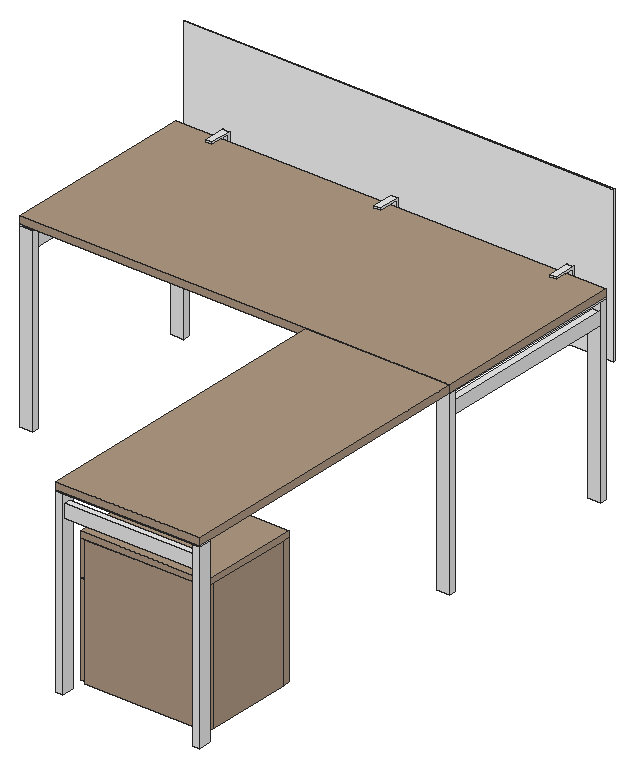
Revit family "T100061", category Furniture, Revit 2013
Parameters (values of type "T100061")
  Width = 66"
  URL = "http://www.ofsbrands.com/"
  Top Core Material = OFS BRANDS STACKS Top Core Wood
  Roll Material = OFS BRANDS STACKS Roll Plastic
  Pull Material = OFS BRANDS STACKS Pull Metal
  Model = "T100061"
  Manufacturer = "FIRST OFFICE"
  Lock Material = OFS BRANDS STACKSLock Metal
  Height = 42"
  Glides Material = OFS BRANDS STACKS Glide Plastic
  Feet Material = OFS BRANDS STACKS Feet Metal
  Drawer Front Material = OFS BRANDS STACKS Drawer Front Wood
  Description = "OFS BRANDS FIRST OFFICE STACKS TYPICAL T100061"
  Depth = 79 3/4"
  Cushion Material = OFS BRANDS STACKS Cushion Fabric
  Copyright © = "© 2018 OFS BRANDS"
  Conector Clip Material = OFS BRANDS STACKS Conector Clip Metal
  Chassis Material = OFS BRANDS STACKS Chassis Wood
  Catalog = "http://ofsbrands.com/products/casegoods/private-office/staks-private-office"
  Grommet  Material = OFS BRANDS STACKS Grommet Metal
  Back Coverage Material = OFS BRANDS STACKS Back Coverage Plastic
  Authoring Version = "Autodesk Revit Architecture 2013"
  Assembly Code = "E2020200"
Reference planes (in)
  plane 1 "Center (Front/Back)": y = 0
  plane 2: z = 0
  plane 3 "Center (Left/Right)": x = 0
Forms (in)
  Extrusion 1, solid, material "OFS BRANDS STACKS Top Core Wood" <- "Top Core Material"
    sketch origin (-88.36638, 130.56662, 0) x (1, 0, 0) y (0, 1, 0)
      loop
        line (55.36638, -121.56662) -> (121.36638, -121.56662) -> (121.36638, -91.56676) -> (55.36638, -91.56676) -> (55.36638, -121.56662)
    from 27.875 to 29.00005
  Extrusion 2, solid, material "OFS BRANDS STACKS Top Core Wood" <- "Top Core Material"
    sketch origin (-88.36638, 130.56662, 0) x (1, 0, 0) y (0, 1, 0)
      loop
        line (99.36638, -121.56662) -> (99.36638, -169.56662) -> (121.36638, -169.56662) -> (121.36638, -121.56662) -> (99.36638, -121.56662)
    from 27.875 to 29.00005
  Extrusion 3, solid, material "OFS BRANDS STACKS Back Coverage Plastic" <- "Back Coverage Material"
    sketch origin (1.48314, 41.4374, 29.4745) x (-1, 0, 0) y (0, 0, 1)
      loop
        line (34.48313, -11.2245) -> (34.48314, 12.5255) -> (-31.51686, 12.5255) -> (-31.51686, -11.2245) -> (34.48313, -11.2245)
      loop
        line (28.49337, -0.22445) -> (27.49337, -0.22445) -> (27.49337, -2.72445) -> (28.49337, -2.72445) -> (28.49337, -0.22445)
      loop
        line (2.6027, -0.22445) -> (1.6027, -0.22445) -> (1.6027, -2.72445) -> (2.6027, -2.72445) -> (2.6027, -0.22445)
      loop
        line (-24.40031, -0.22445) -> (-25.40031, -0.22445) -> (-25.40031, -2.72445) -> (-24.40031, -2.72445) -> (-24.40031, -0.22445)
    from -0.9375 to -0.6875
  Extrusion 4, solid, material "OFS BRANDS STACKS Conector Clip Metal" <- "Conector Clip Material"
    sketch origin (-34.51223, 8.97086, 0) x (0, -1, 0) y (0, 0, 1)
      loop
        line (-28.23587, 29.25005) -> (-31.92902, 29.25005) -> (-31.92902, 26.75005) -> (-29.98587, 26.75005) -> (-29.98587, 27.50005) -> (-28.23587, 27.50005) -> (-28.23587, 27.75005) -> (-30, 27.75005) -> (-30, 29.00005) -> (-28.23587, 29.00005) -> (-28.23587, 29.25005)
      loop
        line (-31.30402, 26.93755) -> (-30.17902, 26.93755) -> (-30.17902, 29.00005) -> (-31.30402, 29.00005) -> (-31.30402, 26.93755)
    from -8.502 to -7.502
  Extrusion 5, solid, material "OFS BRANDS STACKS Conector Clip Metal" <- "Conector Clip Material"
    sketch origin (-8.62156, 8.97086, 0) x (0, -1, 0) y (0, 0, 1)
      loop
        line (-28.23587, 29.25005) -> (-31.92902, 29.25005) -> (-31.92902, 26.75005) -> (-29.98587, 26.75005) -> (-29.98587, 27.50005) -> (-28.23587, 27.50005) -> (-28.23587, 27.75005) -> (-30, 27.75005) -> (-30, 29.00005) -> (-28.23587, 29.00005) -> (-28.23587, 29.25005)
      loop
        line (-31.30402, 26.93755) -> (-30.17902, 26.93755) -> (-30.17902, 29.00005) -> (-31.30402, 29.00005) -> (-31.30402, 26.93755)
    from -8.502 to -7.502
  Extrusion 6, solid, material "OFS BRANDS STACKS Conector Clip Metal" <- "Conector Clip Material"
    sketch origin (18.38145, 8.97086, 0) x (0, -1, 0) y (0, 0, 1)
      loop
        line (-28.23587, 29.25005) -> (-31.92902, 29.25005) -> (-31.92902, 26.75005) -> (-29.98587, 26.75005) -> (-29.98587, 27.50005) -> (-28.23587, 27.50005) -> (-28.23587, 27.75005) -> (-30, 27.75005) -> (-30, 29.00005) -> (-28.23587, 29.00005) -> (-28.23587, 29.25005)
      loop
        line (-31.30402, 26.93755) -> (-30.17902, 26.93755) -> (-30.17902, 29.00005) -> (-31.30402, 29.00005) -> (-31.30402, 26.93755)
    from -8.502 to -7.502
  Extrusion 7, solid, material "OFS BRANDS STACKS Feet Metal" <- "Feet Material"
    sketch origin (11.2371, 166.2286, 0) x (1, 0, 0) y (0, 1, 0)
      loop
        line (-42.23709, -157.2286) -> (-42.23709, -156.2286) -> (-44.23709, -156.2286) -> (-44.23709, -157.2286) -> (-42.23709, -157.2286)
    from 0 to 27.6807
  Extrusion 8, solid, material "OFS BRANDS STACKS Feet Metal" <- "Feet Material"
    sketch origin (11.2371, 166.2286, 0) x (1, 0, 0) y (0, 1, 0)
      loop
        line (-42.23709, -157.2286) -> (-42.23709, -156.2286) -> (-40.23709, -155.0739) -> (-40.23709, -129.3833) -> (-42.23709, -128.2286) -> (-42.23709, -127.2286) -> (-44.23709, -127.2286) -> (-44.23709, -157.2286) -> (-42.23709, -157.2286)
    from 27.6807 to 27.875
  Extrusion 9, solid, material "OFS BRANDS STACKS Feet Metal" <- "Feet Material"
    sketch origin (11.2371, -118.2286, 0) x (1, 0, 0) y (0, 1, 0)
      loop
        line (-42.23709, 157.2286) -> (-44.23709, 157.2286) -> (-44.23709, 156.2286) -> (-42.23709, 156.2286) -> (-42.23709, 157.2286)
    from 0 to 27.6807
  Extrusion 10, solid, material "OFS BRANDS STACKS Feet Metal" <- "Feet Material"
    sketch origin (11.2371, 36.3057, -131.9229) x (1, 0, 0) y (0, 0, 1)
      loop
        line (-43.11209, 158.2286) -> (-44.11209, 158.2286) -> (-44.11209, 156.2286) -> (-43.11209, 156.2286) -> (-43.11209, 158.2286)
    from -1.6943 to 26.3057
  Extrusion 11, solid, material "OFS BRANDS STACKS Feet Metal" <- "Feet Material"
    sketch origin (-11.23709, 166.2286, 0) x (-1, 0, 0) y (0, -1, 0)
      loop
        line (-42.23709, 157.2286) -> (-44.23709, 157.2286) -> (-44.23709, 156.2286) -> (-42.23709, 156.2286) -> (-42.23709, 157.2286)
    from 0 to 27.6807
  Extrusion 12, solid, material "OFS BRANDS STACKS Feet Metal" <- "Feet Material"
    sketch origin (-11.23709, 166.2286, 0) x (-1, 0, 0) y (0, -1, 0)
      loop
        line (-42.23709, 157.2286) -> (-44.23709, 157.2286) -> (-44.23709, 127.2286) -> (-42.23709, 127.2286) -> (-42.23709, 128.2286) -> (-40.23709, 129.3833) -> (-40.23709, 155.0739) -> (-42.23709, 156.2286) -> (-42.23709, 157.2286)
    from 27.6807 to 27.875
  Extrusion 13, solid, material "OFS BRANDS STACKS Feet Metal" <- "Feet Material"
    sketch origin (-11.23709, -118.2286, 0) x (-1, 0, 0) y (0, -1, 0)
      loop
        line (-42.23709, -157.2286) -> (-42.23709, -156.2286) -> (-44.23709, -156.2286) -> (-44.23709, -157.2286) -> (-42.23709, -157.2286)
    from 0 to 27.6807
  Extrusion 14, solid, material "OFS BRANDS STACKS Feet Metal" <- "Feet Material"
    sketch origin (-11.23709, 36.3057, -131.9229) x (-1, 0, 0) y (0, 0, -1)
      loop
        line (-43.11209, -158.2286) -> (-43.11209, -156.2286) -> (-44.11209, -156.2286) -> (-44.11209, -158.2286) -> (-43.11209, -158.2286)
    from -1.6943 to 26.3057
  Extrusion 15, solid, material "OFS BRANDS STACKS Feet Metal" <- "Feet Material"
    sketch origin (-116.2286, 5.23709, 0) x (0, 1, 0) y (-1, 0, 0)
      loop
        line (-42.23709, -149.2286) -> (-42.23709, -148.2286) -> (-40.23709, -147.0739) -> (-40.23709, -129.3833) -> (-42.23709, -128.2286) -> (-42.23709, -127.2286) -> (-44.23709, -127.2286) -> (-44.23709, -149.2286) -> (-42.23709, -149.2286)
    from 27.6807 to 27.875
  Extrusion 16, solid, material "OFS BRANDS STACKS Feet Metal" <- "Feet Material"
    sketch origin (168.2286, 5.23709, 0) x (0, 1, 0) y (-1, 0, 0)
      loop
        line (-42.23709, 157.2286) -> (-44.23709, 157.2286) -> (-44.23709, 156.2286) -> (-42.23709, 156.2286) -> (-42.23709, 157.2286)
    from 0 to 27.6807
  Extrusion 17, solid, material "OFS BRANDS STACKS Feet Metal" <- "Feet Material"
    sketch origin (13.6943, 5.23709, -131.9229) x (0, 1, 0) y (0, 0, 1)
      loop
        line (-43.11209, 158.2286) -> (-44.11209, 158.2286) -> (-44.11209, 156.2286) -> (-43.11209, 156.2286) -> (-43.11209, 158.2286)
    from -1.6943 to 18.3057
  Extrusion 18, solid, material "OFS BRANDS STACKS Feet Metal" <- "Feet Material"
    sketch origin (-124.2286, 5.23709, 0) x (0, 1, 0) y (-1, 0, 0)
      loop
        line (-42.23709, -157.2286) -> (-42.23709, -156.2286) -> (-44.23709, -156.2286) -> (-44.23709, -157.2286) -> (-42.23709, -157.2286)
    from 0 to 27.6807
  Extrusion 19, solid, material "OFS BRANDS STACKS Conector Clip Metal" <- "Conector Clip Material"
    sketch origin (0, 0, 0) x (1, 0, 0) y (0, 1, 0)
      loop
        line (12.79313, 11.09092) -> (12.79313, 7.09092) -> (16.79313, 7.09092) -> (16.79313, 11.09092) -> (12.79313, 11.09092)
    from 27.8125 to 27.875
  Extrusion 20, solid, material "OFS BRANDS STACKS Conector Clip Metal" <- "Conector Clip Material"
    sketch origin (14.11928, 0, 0) x (1, 0, 0) y (0, 1, 0)
      loop
        line (12.79313, 11.09092) -> (12.79313, 7.09092) -> (16.79313, 7.09092) -> (16.79313, 11.09092) -> (12.79313, 11.09092)
    from 27.8125 to 27.875
  Extrusion 21, solid, material "OFS BRANDS STACKS Drawer Front Wood" <- "Drawer Front Material"
    sketch origin (13.61014, -80.42166, -6.96875) x (0, -1, 0) y (0, 0, -1)
      loop
        line (-59.97733, -27.3125) -> (-44.47733, -27.3125) -> (-44.47733, -21.96875) -> (-59.97733, -21.96875) -> (-59.97733, -27.3125)
    from -1.3075 to -0.5575
  Extrusion 22, solid, material "OFS BRANDS STACKS Pull Metal" <- "Pull Material"
    sketch origin (-16.87906, -65.25184, -9.537) x (0, -1, 0) y (1, 0, 0)
      loop
        line (-39.43501, 29.18171) -> (-39.68501, 29.18171) -> (-39.68501, 28.17671) -> (-34.43501, 28.17671) -> (-34.43501, 29.18171) -> (-34.68501, 29.18171) -> (-34.68501, 28.42671) -> (-39.43501, 28.42671) -> (-39.43501, 29.18171)
    from 28.9745 to 29.4745
  Extrusion 23, solid, material "OFS BRANDS STACKS Drawer Front Wood" <- "Drawer Front Material"
    sketch origin (13.61014, -80.42166, -12.4375) x (0, -1, 0) y (0, 0, -1)
      loop
        line (-59.97733, -27.3125) -> (-44.47733, -27.3125) -> (-44.47733, -13.1875) -> (-59.97733, -13.1875) -> (-59.97733, -27.3125)
    from -1.3075 to -0.5575
  Extrusion 24, solid, material "OFS BRANDS STACKS Pull Metal" <- "Pull Material"
    sketch origin (-16.87906, -65.25184, -15.00575) x (0, -1, 0) y (1, 0, 0)
      loop
        line (-39.43501, 29.18171) -> (-39.68501, 29.18171) -> (-39.68501, 28.17671) -> (-34.43501, 28.17671) -> (-34.43501, 29.18171) -> (-34.68501, 29.18171) -> (-34.68501, 28.42671) -> (-39.43501, 28.42671) -> (-39.43501, 29.18171)
    from 28.9745 to 29.4745
  Extrusion 25, solid, material "OFS BRANDS STACKS Chassis Wood" <- "Chassis Material"
    sketch origin (31.99014, -42.11416, 0) x (0, -1, 0) y (0, 0, -1)
      loop
        line (-7.10733, -0.5) -> (-20.73233, -0.5) -> (-20.73233, -20.4375) -> (-7.10733, -20.4375) -> (-7.10733, -0.5)
    from -1.1875 to -0.1875
  Extrusion 26, solid, material "OFS BRANDS STACKS Chassis Wood" <- "Chassis Material"
    sketch origin (11.07031, -36.19433, 0) x (-1, 0, 0) y (0, 0, -1)
      loop
        line (-1.98233, -0.5) -> (-20.73233, -0.5) -> (-20.73233, -20.4375) -> (-1.98233, -20.4375) -> (-1.98233, -0.5)
    from -1.1875 to -0.1875
  Extrusion 27, solid, material "OFS BRANDS STACKS Roll Plastic" <- "Roll Material"
    sketch origin (34.15641, -34.06835, 29.4745) x (1, 0, 0) y (0, 0, -1)
      loop
        circle (-19.32729, 28.53442) r 0.94008
    from -0.75 to 0.78386
  Extrusion 28, solid, material "OFS BRANDS STACKS Roll Plastic" <- "Roll Material"
    sketch origin (34.15641, -34.06835, 29.4745) x (1, 0, 0) y (0, 0, -1)
      loop
        arc (-18.30139, 28.55034) -> (-18.56665, 27.84584) -> (-19.24135, 27.51201) r 1.02602
        line (-19.24135, 27.51201) -> (-19.24135, 27.59827)
        arc (-19.24135, 27.59827) -> (-19.32729, 27.59434) -> (-19.41323, 27.59827) r 0.94008
        line (-19.41323, 27.59827) -> (-19.41323, 27.51201)
        arc (-19.41323, 27.51201) -> (-20.08257, 27.83996) -> (-20.35331, 28.53442) r 1.02602
        line (-20.35331, 28.53442) -> (-20.43925, 28.53442)
        arc (-20.43925, 28.53442) -> (-20.14338, 27.77914) -> (-19.41323, 27.42579) r 1.11196
        line (-19.41323, 27.42579) -> (-19.41323, 27.09434) -> (-19.24135, 27.09434) -> (-19.24135, 27.42579)
        arc (-19.24135, 27.42579) -> (-18.50581, 27.785) -> (-18.21545, 28.55034) r 1.11196
        line (-18.21545, 28.55034) -> (-18.30139, 28.55034)
    from -0.56728 to 0.61508
  Extrusion 29, solid, material "OFS BRANDS STACKS Chassis Wood" <- "Chassis Material"
    sketch origin (-31.26822, -47.0912, 18.9375) x (0, 1, 0) y (1, 0, 0)
      loop
        line (26.70937, 43.69586) -> (26.70937, 63.07086) -> (11.08437, 63.07087) -> (11.08437, 43.69587) -> (26.70937, 43.69586)
    from -2.4375 to -1.5
  Extrusion 30, solid, material "OFS BRANDS STACKS Roll Plastic" <- "Roll Material"
    sketch origin (34.15639, -22.34079, 29.4745) x (1, 0, 0) y (0, 0, 1)
      loop
        circle (-19.32729, -28.53442) r 0.94008
    from -0.75 to 0.78386
  Extrusion 31, solid, material "OFS BRANDS STACKS Roll Plastic" <- "Roll Material"
    sketch origin (34.15639, -22.34079, 29.4745) x (1, 0, 0) y (0, 0, 1)
      loop
        line (-18.30139, -28.55034) -> (-18.21545, -28.55034)
        arc (-18.21545, -28.55034) -> (-18.50581, -27.785) -> (-19.24135, -27.42579) r 1.11196
        line (-19.24135, -27.42579) -> (-19.24135, -27.09434) -> (-19.41323, -27.09434) -> (-19.41323, -27.42579)
        arc (-19.41323, -27.42579) -> (-20.14338, -27.77914) -> (-20.43925, -28.53442) r 1.11196
        line (-20.43925, -28.53442) -> (-20.35331, -28.53442)
        arc (-20.35331, -28.53442) -> (-20.08257, -27.83996) -> (-19.41323, -27.51201) r 1.02602
        line (-19.41323, -27.51201) -> (-19.41323, -27.59827)
        arc (-19.41323, -27.59827) -> (-19.32729, -27.59434) -> (-19.24135, -27.59827) r 0.94008
        line (-19.24135, -27.59827) -> (-19.24135, -27.51201)
        arc (-19.24135, -27.51201) -> (-18.56665, -27.84584) -> (-18.30139, -28.55034) r 1.02602
    from -0.56728 to 0.61508
  Extrusion 32, solid, material "OFS BRANDS STACKS Roll Plastic" <- "Roll Material"
    sketch origin (34.15641, -22.32031, 29.4745) x (1, 0, 0) y (0, 0, 1)
      loop
        circle (-19.32729, -28.53442) r 0.94008
    from -0.75 to 0.78386
  Extrusion 33, solid, material "OFS BRANDS STACKS Roll Plastic" <- "Roll Material"
    sketch origin (34.15641, -22.32031, 29.4745) x (1, 0, 0) y (0, 0, 1)
      loop
        line (-18.30139, -28.55034) -> (-18.21545, -28.55034)
        arc (-18.21545, -28.55034) -> (-18.50581, -27.785) -> (-19.24135, -27.42579) r 1.11196
        line (-19.24135, -27.42579) -> (-19.24135, -27.09434) -> (-19.41323, -27.09434) -> (-19.41323, -27.42579)
        arc (-19.41323, -27.42579) -> (-20.14338, -27.77914) -> (-20.43925, -28.53442) r 1.11196
        line (-20.43925, -28.53442) -> (-20.35331, -28.53442)
        arc (-20.35331, -28.53442) -> (-20.08257, -27.83996) -> (-19.41323, -27.51201) r 1.02602
        line (-19.41323, -27.51201) -> (-19.41323, -27.59827)
        arc (-19.41323, -27.59827) -> (-19.32729, -27.59434) -> (-19.24135, -27.59827) r 0.94008
        line (-19.24135, -27.59827) -> (-19.24135, -27.51201)
        arc (-19.24135, -27.51201) -> (-18.56665, -27.84584) -> (-18.30139, -28.55034) r 1.02602
    from -0.56728 to 0.61508
  Extrusion 34, solid, material "OFS BRANDS STACKS Roll Plastic" <- "Roll Material"
    sketch origin (10.07387, -34.06835, 29.4745) x (-1, 0, 0) y (0, 0, 1)
      loop
        circle (-19.32729, -28.53442) r 0.94008
    from -0.75 to 0.78386
  Extrusion 35, solid, material "OFS BRANDS STACKS Roll Plastic" <- "Roll Material"
    sketch origin (10.07387, -34.06835, 29.4745) x (-1, 0, 0) y (0, 0, 1)
      loop
        line (-18.30139, -28.55034) -> (-18.21545, -28.55034)
        arc (-18.21545, -28.55034) -> (-18.50581, -27.785) -> (-19.24135, -27.42579) r 1.11196
        line (-19.24135, -27.42579) -> (-19.24135, -27.09434) -> (-19.41323, -27.09434) -> (-19.41323, -27.42579)
        arc (-19.41323, -27.42579) -> (-20.14338, -27.77914) -> (-20.43925, -28.53442) r 1.11196
        line (-20.43925, -28.53442) -> (-20.35331, -28.53442)
        arc (-20.35331, -28.53442) -> (-20.08257, -27.83996) -> (-19.41323, -27.51201) r 1.02602
        line (-19.41323, -27.51201) -> (-19.41323, -27.59827)
        arc (-19.41323, -27.59827) -> (-19.32729, -27.59434) -> (-19.24135, -27.59827) r 0.94008
        line (-19.24135, -27.59827) -> (-19.24135, -27.51201)
        arc (-19.24135, -27.51201) -> (-18.56665, -27.84584) -> (-18.30139, -28.55034) r 1.02602
    from -0.56728 to 0.61508
  Extrusion 36, solid, material "OFS BRANDS STACKS Roll Plastic" <- "Roll Material"
    sketch origin (10.07387, -22.32031, 29.4745) x (-1, 0, 0) y (0, 0, -1)
      loop
        circle (-19.32729, 28.53442) r 0.94008
    from -0.75 to 0.78386
  Extrusion 37, solid, material "OFS BRANDS STACKS Roll Plastic" <- "Roll Material"
    sketch origin (10.07387, -22.32031, 29.4745) x (-1, 0, 0) y (0, 0, -1)
      loop
        arc (-18.30139, 28.55034) -> (-18.56665, 27.84584) -> (-19.24135, 27.51201) r 1.02602
        line (-19.24135, 27.51201) -> (-19.24135, 27.59827)
        arc (-19.24135, 27.59827) -> (-19.32729, 27.59434) -> (-19.41323, 27.59827) r 0.94008
        line (-19.41323, 27.59827) -> (-19.41323, 27.51201)
        arc (-19.41323, 27.51201) -> (-20.08257, 27.83996) -> (-20.35331, 28.53442) r 1.02602
        line (-20.35331, 28.53442) -> (-20.43925, 28.53442)
        arc (-20.43925, 28.53442) -> (-20.14338, 27.77914) -> (-19.41323, 27.42579) r 1.11196
        line (-19.41323, 27.42579) -> (-19.41323, 27.09434) -> (-19.24135, 27.09434) -> (-19.24135, 27.42579)
        arc (-19.24135, 27.42579) -> (-18.50581, 27.785) -> (-18.21545, 28.55034) r 1.11196
        line (-18.21545, 28.55034) -> (-18.30139, 28.55034)
    from -0.56728 to 0.61508
  Extrusion 38, solid, material "OFS BRANDS STACKS Chassis Wood" <- "Chassis Material"
    sketch origin (11.07031, -20.19433, 0) x (-1, 0, 0) y (0, 0, 1)
      loop
        line (-1.98233, 0.5) -> (-1.98233, 20.4375) -> (-20.73233, 20.4375) -> (-20.73233, 0.5) -> (-1.98233, 0.5)
    from -1.1875 to -0.1875
  Extrusion 39, solid, material "OFS BRANDS STACKS Chassis Wood" <- "Chassis Material"
    sketch origin (-60.30325, 28.25828, -8.30733) x (0, -1, 0) y (1, 0, 0)
      loop
        line (49.64011, 73.35589) -> (63.26511, 73.35589) -> (63.26511, 91.10589) -> (49.64011, 91.10589) -> (49.64011, 73.35589)
    from 10.6875 to 11.75
Dimensions and locks (in)
  Extrusion 3 to Extrusion 16 = 79.74991"
  aligned and locked: level to plane 2
